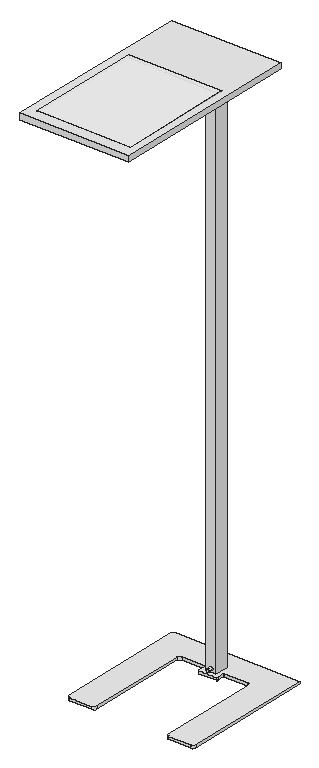
Revit family "0060796 Sylvania Lighting Fixture FREEOFFICE DIRECT INDIRECT 14KLM BLACK UK", category Lighting Fixtures, host Face, Revit 2016
Family settings
  Host = Face
  Part Type = Normal
  Round Connector Dimension = Use Diameter
  OmniClass Number = 23.80.70.11.17
  OmniClass Title = Specialized Lighting by Location or Use
  Cut with Voids When Loaded = No
  Light Source = Yes
  Shared = No
  Room Calculation Point = No
Parameters (values of type "0060796 FREEOFFICE D/I 14 BLACK UK")
  Weight = "22.8 kg"
  Wattage = 107 W
  WarrantyStartDate [instance] = "n/a"
  WarrantyGuarantorParts = "n/a"
  WarrantyDurationUnit = "n/a"
  WarrantyDurationParts = "n/a"
  WarrantyDescription = "n/a"
  built-in parameter 1150110 = 1 (stored number, unit not read)
  Voltage = 230 V
  TypeName = "FREEOFFICE DIRECT/INDIRECT 14KLM BLACK UK"
  built-in parameter 1114217 = 1 (stored number, unit not read)
  Tilt Angle = -90°
  built-in parameter 1150109 = 1 (stored number, unit not read)
  built-in parameter 1150134 = 12
  built-in parameter 1150113 = 1 (stored number, unit not read)
  SerialNumber [instance] = "n/a"
  Radius_FEILO = 165.0 mm
  URL = "http://www.sylvania-lighting.com"
  PowerFactor = 0.98
  PowerConsumption = "107 W"
  Photometric Web File = "0060796.ies"
  PIR_SYL = no
  NominalWidth = 0.0 mm
  NominalLength = 690.0 mm
  NominalHeight = 2030.0 mm
  Name = "FREEOFFICE DIRECT/INDIRECT 14KLM BLACK UK"
  ModelReference = "FREEOFFICE DIRECT/INDIRECT 14KLM BLACK UK"
  ModelNumber = "0060796"
  Material_3_SYL = Body-Sylvania-FreeOffice-BLK
  Material_2_SYL = Polycarbonate_Sylvania_Sylcircle_Opal
  Material_1_SYL = Body-Sylvania-FreeOffice-BLK
  Material = "head and pole : powder coated aluminium. stand: powder coated steel housing, pmma diffuser"
  ManufacturerName = "Feilo Sylvania"
  LuminousEfficacy = "132 lm/W"
  built-in parameter 1150105 = 4275.8 (stored number, unit not read)
  Lumens = 14124 lm
  LuminaireType = ""
  built-in parameter 1150115 = 1 (stored number, unit not read)
  LightOutputRatio = "n/a"
  built-in parameter 1150137 = (empty or 0)
  built-in parameter 1150139 = (empty or 0)
  LampsType = Lamp  # "LED"
  LampNominalLuminous = "14100 lm"
  LampMacAdamStep = "3"
  LampColourTemperature = "4000 K"
  LampColourRenderingIndex = "80"
  built-in parameter 1150112 = 1 (stored number, unit not read)
  built-in parameter 1150114 = 1 (stored number, unit not read)
  Keynote = "16500"
  InstallationDate [instance] = "n/a"
  InputVoltage = "220-240V~"
  InputNominalFrequency = "50/60 Hz"
  built-in parameter 1150132 = (empty or 0)
  built-in parameter 1150102 = (empty or 0)
  built-in parameter 1150107 = 4000 (stored number, unit not read)
  built-in parameter 1150138 = (empty or 0)
  IngressProtection = "IP20"
  ImpactProtectionIndex = "IK02"
  built-in parameter 1150106 = 42.758 (stored number, unit not read)
  IfcExportType = "IfcLightFixtureType"
  IfcExportAs = "IfcLightFixtureType"
  Height_FEILO = 96.0 mm
  ExpectedLife = 50000
  Emit from Rectangle Width = 340.1 mm
  Emit from Rectangle Length = 564.6 mm
  Emit Shape Visible in Rendering = no
  ElectricShockClassification = "Class I"
  built-in parameter 1150104 = 12.263 (stored number, unit not read)
  DurationUnit = "hours"
  DocumentationLiterature = "http://www.sylvania-lighting.com/product/en-int/products/0060796"
  DimmingControlOptions = "Dimmable"
  Dimming Lamp Color Temperature Shift = <None>
  Diameter_FEILO = 2 * Radius_FEILO  # 330.0 mm
  CreatedOn = "12/5/2018"
  CreatedBy = "@sylvania-lighting.com"
  Color Filter = 16777215
  built-in parameter 1114216 [instance] = 1 (stored number, unit not read)
  Model = "FREEOFFICE DIRECT/INDIRECT 14KLM BLACK UK"
  Manufacturer = "Feilo Sylvania"
  Lamp = "LED"
  Description = "FREEOFFICE DIRECT/INDIRECT 14KLM BLACK UK is a highly efficient free-standing floor lamp providing optimal illumination for single and twin workstations. 80% uplight and 20% downlight ratio for ambient and task lighting from a single luminaire. Microprismatic PMMA optics for advanced glare control. Black RAL9005 powder coated luminaire body. Aluminium head and pole for high-quality appearance, steel stand for higher stability. Luminaire dimensions: Head: 690x397x25mm, Stand: 480x460x16mm, Pole: 55x35x2030mm. Operated and dimmed with a push button located in the pole at a height suitable to be used with adjustable height desks. Up and downlight dims together. 4000K Neutral White LED, CRI>80, chromaticity tolerance: SDCM<3. Luminous flux: 14100lm. Power consumption 107W. Luminaire efficacy: 132lm/W. Lumen maintenance: L80B50=55000h. UGR<16, Luminance at 65°<3000 cd/m2. IK02, IP20. Photobiological safety risk group 0. Electrical protection: Class I. Glow wire test: 650°C. Supplied with 3m cable with BS 1363 plug."
  Default Elevation = 0.0 mm
  built-in parameter 1140040 [instance] = 1
  BarCode [instance] = "n/a"
  built-in parameter 1114218 = 1 (stored number, unit not read)
  built-in parameter 1150133 = 10 (stored number, unit not read)
  AssetType = "Fixed"
  AssetIdentifier [instance] = "n/a"
  Assembly Code = "D5020200"
  Apparent Load = 107 VA
Reference planes
  plane 1 "Center (Front/Back)": y = 0
  plane 2: z = 0
  plane 3 "Center (Left/Right)": x = 0
  plane 4: z = 2030
  plane 5: x = 230
  plane 6: x = -230
  plane 7: x = 18
  plane 8: x = -18
  plane 9: x = -198.5
  plane 10: x = 198.5
  plane 11: y = 25
  plane 12: y = -25
  plane 13: y = -390.174
  plane 14: y = 89.826
  plane 15: y = -645
  plane 16: y = 44
  plane 17: z = 9
  plane 18: z = 2010
  plane 19: y = -187.327
  plane 20: y = -603.8
  plane 21: x = -170.03
  plane 22: x = 170.03
  plane 23: y = -39.174
  plane 24: z = 2020
  plane 25: x = 130
  plane 26: x = -130
  plane 27: y = -10.174
  plane 28: x = 34
  plane 29: x = -34
  plane 30: y = -39.174
  plane 31: y = -321.487
  plane 32: z = 21
  plane 33: y = -624.4
  plane 34: z = 2009
Forms (mm)
  Extrusion 1, solid, material "Body-Sylvania-FreeOffice-BLK" <- "Material_1_SYL"
    sketch origin (-1380.213, -4572, 2010) x (-1, 0, 0) y (0, -1, 0)
      loop
        line (-1181.713, -3927) -> (-1578.713, -3927) -> (-1578.713, -4616) -> (-1181.713, -4616) -> (-1181.713, -3927)
    from 0 to 20
  Extrusion 2, void
    sketch origin (-1380.213, -4572, 2030) x (0, -1, 0) y (-1, 0, 0)
      loop
        line (-4384.673, -1210.183) -> (-4384.673, -1550.243) -> (-3968.2, -1550.243) -> (-3968.2, -1210.183) -> (-4384.673, -1210.183)
    from 0 to 20
  Extrusion 3, void
    sketch origin (-1380.213, -4572, 2010) x (0, -1, 0) y (-1, 0, 0)
      loop
        line (-3968.2, -1210.183) -> (-4532.826, -1210.183) -> (-4532.826, -1550.243) -> (-3968.2, -1550.243) -> (-3968.2, -1210.183)
    from 0 to -10
  Extrusion 4, solid, material "Body-Sylvania-FreeOffice-BLK" <- "Material_1_SYL"
    sketch origin (0, 0, 0) x (1, 0, 0) y (0, 1, 0)
      loop
        line (-230, 79.826) -> (-230, -380.174)
        arc (-230, -380.174) -> (-227.071, -387.245) -> (-220, -390.174) r 10
        line (-220, -390.174) -> (-140, -390.174)
        arc (-140, -390.174) -> (-132.929, -387.245) -> (-130, -380.174) r 10
        line (-130, -380.174) -> (-130, -20.174)
        arc (-130, -20.174) -> (-127.071, -13.103) -> (-120, -10.174) r 10
        line (-120, -10.174) -> (-36, -10.174)
        arc (-36, -10.174) -> (-34.586, -10.76) -> (-34, -12.174) r 2
        line (-34, -12.174) -> (-34, -37.174)
        arc (-34, -37.174) -> (-33.414, -38.588) -> (-32, -39.174) r 2
        line (-32, -39.174) -> (32, -39.174)
        arc (32, -39.174) -> (33.414, -38.588) -> (34, -37.174) r 2
        line (34, -37.174) -> (34, -12.174)
        arc (34, -12.174) -> (34.586, -10.76) -> (36, -10.174) r 2
        line (36, -10.174) -> (120, -10.174)
        arc (120, -10.174) -> (127.071, -13.103) -> (130, -20.174) r 10
        line (130, -20.174) -> (130, -380.174)
        arc (130, -380.174) -> (132.929, -387.245) -> (140, -390.174) r 10
        line (140, -390.174) -> (220, -390.174)
        arc (220, -390.174) -> (227.071, -387.245) -> (230, -380.174) r 10
        line (230, -380.174) -> (230, 89.826) -> (-220, 89.826)
        arc (-220, 89.826) -> (-227.071, 86.897) -> (-230, 79.826) r 10
    from 0 to 9
  Extrusion 5, solid, material "Body-Sylvania-FreeOffice-BLK" <- "Material_1_SYL"
    sketch origin (645.563, -4597, 9) x (0, -1, 0) y (-1, 0, 0)
      loop
        line (-4622, 663.563) -> (-4622, 627.563) -> (-4572, 627.563) -> (-4572, 663.563) -> (-4622, 663.563)
    from 0 to -2001
  Extrusion 6, solid, material "Body-Sylvania-FreeOffice-BLK" <- "Material_1_SYL"
    sketch origin (747.1, -25, 1219.2) x (1, 0, 0) y (0, 0, 1)
      loop
        circle (-747.1, -1198.2) r 5
    from 0 to 14.174
  Extrusion 7, solid, material "Polycarbonate_Sylvania_Sylcircle_Opal" <- "Material_2_SYL"
    sketch origin (-1380.213, -4572, 2030) x (-1, 0, 0) y (0, -1, 0)
      loop
        line (-1550.243, -3968.2) -> (-1550.243, -4384.673) -> (-1210.183, -4384.673) -> (-1210.183, -3968.2) -> (-1550.243, -3968.2)
    from 0 to -10
  Extrusion 8, solid, material "Polycarbonate_Sylvania_Sylcircle_Opal" <- "Material_2_SYL"
    sketch origin (-1380.213, -4572, 2010) x (-1, 0, 0) y (0, -1, 0)
      loop
        line (-1210.183, -4532.826) -> (-1210.183, -3968.2) -> (-1550.243, -3968.2) -> (-1550.243, -4532.826) -> (-1210.183, -4532.826)
    from 0 to 10
  Revolve 9, solid, material "Body-Sylvania-FreeOffice-BLK" <- "Material_3_SYL", visible <- "PIR_SYL"
    sketch origin (747.1, -624.4, 1219.2) x (1, 0, 0) y (0, 0, 1)
      loop
        line (-757.1, 789.8) -> (-754.426, 789.8)
        arc (-754.426, 789.8) -> (-751.007, 787.781) -> (-747.1, 787.079) r 11.221
        line (-747.1, 787.079) -> (-747.1, 790.8) -> (-757.1, 790.8) -> (-757.1, 789.8)
      axis (-747.1, 790.8) -> (-747.1, 787.079)
    angle from 0 to 360
Cuts and joins
  Extrusion 2, Extrusion 3 cuts Extrusion 1
Lines and regions (mm)
  reference lines
    curve 1: circle (0, 0, 21) r 5 normal (0, -1, 0)
    curve 2: circle (0, -624.4, 2010) r 10 normal (0, 0, 1)
Dimensions and locks
  equal spacing: plane 12, plane 1 "Center (Front/Back)", plane 11
  locked: plane 12 to plane 11 at 50
  equal spacing: plane 8, plane 3 "Center (Left/Right)", plane 7
  plane 8 to plane 7 = 36.0 mm
  equal spacing: plane 9, plane 3 "Center (Left/Right)", plane 10
  plane 9 to plane 10 = 397.0 mm
  equal spacing: plane 6, plane 3 "Center (Left/Right)", plane 5
  locked: plane 6 to plane 5 at 460
  locked: plane 4 to plane 2 at 2030
  locked: plane 13 to plane 1 "Center (Front/Back)" at 390.174
  locked: plane 13 to plane 14 at 480
  locked: plane 15 to plane 1 "Center (Front/Back)" at 645
  locked: plane 15 to plane 16 at 689
  locked: plane 17 to plane 2 at 9
  locked: plane 4 to plane 18 at 20
  locked: plane 19 to plane 1 "Center (Front/Back)" at 187.327
  locked: plane 20 to plane 19 at 416.473
  equal spacing: plane 21, plane 3 "Center (Left/Right)", plane 22
  plane 21 to plane 22 = 340.059 mm
  locked: plane 20 to plane 23 at 564.626
  equal spacing: plane 4, plane 24, plane 18
  equal spacing: plane 26, plane 3 "Center (Left/Right)", plane 25
  locked: plane 26 to plane 25 at 260
  locked: plane 27 to plane 14 at 100
  equal spacing: plane 29, plane 3 "Center (Left/Right)", plane 28
  locked: plane 29 to plane 28 at 68
  locked: plane 30 to plane 27 at 29
  equal spacing: plane 20, plane 31, plane 23
  locked: plane 32 to host face at 21
  equal spacing: plane 15, plane 33, plane 20
  locked: Revolve 9 sketch curve to plane 18 at 7.5
  locked: plane 18 to plane 34 at 1
  radius of curve 2 = 10.0 mm
  aligned and locked: plane 2 to host face
  aligned and locked: level to host face
  aligned and locked: plane 15 to Extrusion 1 sketch curve
  aligned and locked: Extrusion 1 sketch curve to plane 9
  aligned and locked: Extrusion 1 sketch curve to plane 16
  aligned and locked: plane 10 to Extrusion 1 sketch curve
  aligned and locked: plane 4 to Extrusion 1
  aligned and locked: Extrusion 1 to plane 18
  aligned and locked: Extrusion 2 sketch curve to plane 19
  aligned and locked: plane 20 to Extrusion 2 sketch curve
  aligned and locked: Extrusion 2 to plane 18
  aligned and locked: plane 4 to Extrusion 2
  aligned and locked: plane 21 to Extrusion 2 sketch curve
  aligned and locked: plane 22 to Extrusion 2 sketch curve
  aligned and locked: Extrusion 3 sketch curve to cut or joined group of Extrusion 1, Extrusion 2, Extrusion 3  (x2)
  aligned and locked: plane 23 to Extrusion 3 sketch curve
  aligned and locked: plane 22 to Extrusion 3 sketch curve
  aligned and locked: Extrusion 3 to plane 18
  aligned and locked: plane 24 to Extrusion 3
  aligned and locked: Extrusion 4 sketch curve to plane 14
  aligned and locked: Extrusion 4 sketch curve to plane 6
  aligned and locked: plane 13 to Extrusion 4 sketch curve  (x2)
  aligned and locked: Extrusion 4 sketch curve to plane 26
  aligned and locked: Extrusion 4 sketch curve to plane 25
  aligned and locked: plane 5 to Extrusion 4 sketch curve
  aligned and locked: plane 29 to Extrusion 4 sketch curve
  aligned and locked: plane 30 to Extrusion 4 sketch curve
  aligned and locked: Extrusion 4 sketch curve to plane 28
  aligned and locked: Extrusion 4 sketch curve to plane 27
  aligned and locked: Extrusion 4 to plane 17
  aligned and locked: Extrusion 4 to level
  aligned and locked: Extrusion 5 sketch curve to plane 8
  aligned and locked: plane 7 to Extrusion 5 sketch curve
  aligned and locked: plane 18 to Extrusion 5
  aligned and locked: plane 11 to Extrusion 5 sketch curve
  aligned and locked: Extrusion 5 sketch curve to plane 12
  aligned and locked: plane 24 to imposter light
  aligned and locked: imposter light to plane 3 "Center (Left/Right)"
  aligned and locked: imposter light to plane 31
  aligned and locked: Extrusion 6 sketch curve to curve 1
  aligned and locked: Extrusion 6 to plane 12
  aligned and locked: Extrusion 6 to cut or joined group of Extrusion 1, Extrusion 2, Extrusion 3
  aligned and locked: Extrusion 7 sketch curve to cut or joined group of Extrusion 1, Extrusion 2, Extrusion 3  (x4)
  aligned and locked: Extrusion 7 to plane 4
  aligned and locked: Extrusion 7 to cut or joined group of Extrusion 1, Extrusion 2, Extrusion 3
  aligned and locked: Extrusion 8 sketch curve to cut or joined group of Extrusion 1, Extrusion 2, Extrusion 3  (x4)
  aligned and locked: Extrusion 8 to cut or joined group of Extrusion 1, Extrusion 2, Extrusion 3
  aligned and locked: Extrusion 8 to plane 18
  aligned and locked: plane 3 "Center (Left/Right)" to curve 2
  aligned and locked: plane 33 to curve 2
  aligned and locked: plane 3 "Center (Left/Right)" to Revolve 9 sketch curve  (x2)
  aligned and locked: Revolve 9 sketch curve to plane 3 "Center (Left/Right)"
  aligned and locked: Revolve 9 sketch curve to plane 34
Automatic sketch dimensions
  host sketch curve to host sketch curve = 1305.563 mm
  host sketch curve to host sketch curve = 1283.632 mm
  plane 27 to Extrusion 4 sketch curve = 0.0 mm
  plane 6 to Extrusion 4 sketch curve = 10.0 mm  (x2)
  Extrusion 4 sketch curve to plane 13 = 10.0 mm
  Extrusion 4 sketch curve to plane 26 = 10.0 mm
  Extrusion 4 sketch curve to Extrusion 4 sketch curve = 2.0 mm
  plane 29 to Extrusion 4 sketch curve = 2.0 mm
  Extrusion 4 sketch curve to plane 28 = 2.0 mm
  plane 28 to Extrusion 4 sketch curve = 2.0 mm
  Extrusion 4 sketch curve to plane 25 = 10.0 mm
  Extrusion 4 sketch curve to Extrusion 4 sketch curve = 10.0 mm
  Extrusion 4 sketch curve to plane 5 = 10.0 mm
  curve 1 to plane 3 "Center (Left/Right)" = 0.0 mm
  curve 1 to plane 32 = 0.0 mm
  Revolve 9 sketch curve to plane 18 = 0.0 mm
  Revolve 9 sketch curve to plane 3 "Center (Left/Right)" = 7.326 mm
  Revolve 9 sketch curve to Revolve 9 sketch curve = 2.674 mm
  Revolve 9 sketch curve to level = 94.652 mm
  plane 4 to Revolve 9 sketch curve = 432.257 mm
  radius of curve 1 = 5.0 mm
Connectors
  electrical at (0, -39.174, 21), driven by "PowerFactor", driven by "Voltage", driven by "Apparent Load", driven by "Apparent Load"
    settings: on Extrusion 6, index 1, voltage 230 V, apparent load 107 VA, apparent load phase1 107 VA, apparent load phase2 0 VA, apparent load phase3 0 VA, power factor 0.98, load classification "Other", number of poles 1, system type 30, power factor state 1, is connector primary yes, connector utility no, sub classification motor no, connector description ""
